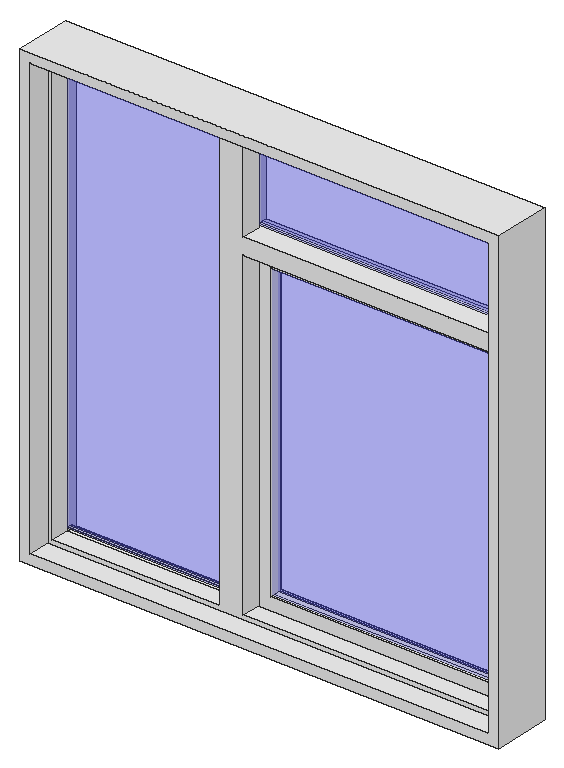
Revit family "83cbc0b76af24b008a916300ba44de00", category Windows, host Wall, Revit 2021
Family settings
  Host = Wall
  OmniClass Number = 23.30.20.00
  OmniClass Title = Windows
  Always vertical = Yes
  Cut with Voids When Loaded = No
  Shared = No
  Room Calculation Point = No
Parameters (values of type "50" x 48"")
  Window Inset [instance] = 0' - 0 5/8"
  Wall Thickness [instance] = 0' - 6"
  Visual Light Transmittance = 0.81
  Transom Height Ratio = 0.25
  Transom Height = Transom Height Ratio * Height  # 1' - 0"
  Thermal Resistance (R) = 1.8146 (h·ft²·°F)/BTU
  Solar Heat Gain Coefficient = 0.76
  Side Width = 0.4 * Width  # 1' - 8"
  Rough Width = Width + 0' 0 1/2"  # 4' - 2 1/2"
  Rough Height = Height + 0' 0 1/2"  # 4' - 0 1/2"
  Opening Window Width = Width - Side Width  # 2' - 6"
  Opening Window Height = Height - Transom Height  # 3' - 0"
  Heat Transfer Coefficient (U) = 0.5511 BTU/(h·ft²·°F)
  Frame Material = Metal - Aluminum
  Height = 4' - 0"
  Glass Panel Material = Glass
  Frame Gap 3 [instance] = Frame Gap 1 + 0' 0 1/4"  # 0' - 1 83/128"
  Frame Gap 2 [instance] = if(Window Inset > 0' 0 5/8", Window Inset, 0' 0 5/8")  # 0' - 0 5/8"
  Frame Gap 1 = 0' - 1 51/128"
  Fire Rating = "0.5h"
  Default Sill Height = 3' - 0"
  Wall Closure = By host
  Width = 4' - 2"
  Assembly Code = "B2020100"
  Analytic Construction = "Double glazing - domestic"
Types (4): name | Transom Height Ratio | Transom Height | Side Width | Rough Width | Rough Height | Opening Window Width | Opening Window Height | Height | Width
  (no name) | 0.25 | 1' - 0" | 1' - 8" | 4' - 2 1/2" | 4' - 0 1/2" | 2' - 6" | 3' - 0" | 4' - 0" | 4' - 2"
  61" x 53" | 0.3 | 1' - 3.9" | 2' - 0.4" | 5' - 1 1/2" | 4' - 5 1/2" | 3' - 0.6" | 3' - 1.1" | 4' - 5" | 5' - 1"
  50" x 48" | 0.25 | 1' - 0" | 1' - 8" | 4' - 2 1/2" | 4' - 0 1/2" | 2' - 6" | 3' - 0" | 4' - 0" | 4' - 2"
  71" x 60" | 0.3 | 1' - 6" | 2' - 4.4" | 5' - 11 1/2" | 5' - 0 1/2" | 3' - 6.6" | 3' - 6" | 5' - 0" | 5' - 11"
Reference planes (in)
  plane 1 "Center (Front/Back)": y = 0
  plane 2: z = 0
  plane 3 "Center (Left/Right)": x = 0
  plane 4 "Left": x = -25
  plane 5 "Right": x = 25
  plane 6 "Sill": z = 36
  plane 7 "Head": z = 84
  plane 8 "Exterior": y = 3
  plane 9 "Interior": y = -3
  plane 10 "Glass 1": y = 2.375
  plane 11: y = -0.625
  plane 12: x = -24
  plane 13: x = 24
  plane 14: y = 1.375
  plane 15: x = -23.60156
  plane 16: x = 23.60156
  plane 17: x = -5
  plane 18: x = -6
  plane 19: x = -4
  plane 20: x = -6.39844
  plane 21: x = -3.60156
  plane 22: z = 83
  plane 23: z = 37
  plane 24 "Sash Offset": y = 2.625
  plane 25: y = 3
  plane 26: x = -22.35156
  plane 27: x = -7.64844
  plane 28: x = -2.35156
  plane 29: x = 22.35156
  plane 30: z = 37.39844
  plane 31: z = 82.60156
  plane 32 "Glass 2": y = 2.125
  plane 33 "Glass 3": y = 1.875
  plane 34 "Glass 4": y = 1.625
  plane 35 "Middle": z = 54.91211
  plane 36 "Mullion Offset": y = 2.875
  plane 37: z = 71.17578
  plane 38: z = 72.82422
  plane 39: z = 72
Forms (in)
  Sweep 1, solid, material "Metal - Aluminum" <- "Frame Material"
    path origin (0, 0, 0) x (1, 0, 0) y (0, 0, 1)
      loop
        line (-25, 36) -> (25, 36) -> (25, 84) -> (-25, 84) -> (-25, 36)
    profile origin (-25, 0, 60) x (-1, 0, 0) y (0, -1, 0)
      loop
        line (0, -3) -> (0, 3) -> (-1, 3) -> (-1, 0.625) -> (-1.39844, 0.625) -> (-1.39844, -1.375) -> (-1, -1.375) -> (-1, -3) -> (0, -3)
  Extrusion 2, solid, material "Metal - Aluminum" <- "Frame Material"
    sketch origin (0, 0, 36) x (0, -1, 0) y (1, 0, 0)
      loop
        line (-2.875, -6) -> (0.625, -6) -> (0.625, -3.60156) -> (-1.375, -3.60156) -> (-1.375, -4) -> (-2.875, -4) -> (-2.875, -6)
    from 1 to 47
  Extrusion 3, solid, material "Glass" <- "Glass Panel Material"
    sketch origin (0, 0, 36) x (0, -1, 0) y (1, 0, 0)
      loop
        line (-2.375, -2.35156) -> (-2.375, 22.35156) -> (-2.875, 22.35156) -> (-2.875, -2.35156) -> (-2.375, -2.35156)
      loop
        line (-1.875, -2.35156) -> (-1.625, -2.35156) -> (-1.625, 22.35156) -> (-1.875, 22.35156) -> (-1.875, -2.35156)
    from 2.64844 to 33.52734
  Extrusion 4, solid, material "Glass" <- "Glass Panel Material"
    sketch origin (0, 0, 36) x (0, -1, 0) y (1, 0, 0)
      loop
        line (-2.375, -24) -> (-2.125, -24) -> (-2.125, -6) -> (-2.375, -6) -> (-2.375, -24)
      loop
        line (-1.875, -24) -> (-1.625, -24) -> (-1.625, -6) -> (-1.875, -6) -> (-1.875, -24)
    from 1.39844 to 47
  Extrusion 5, solid, material "Metal - Aluminum" <- "Frame Material"
    sketch origin (25, 0, 0) x (0, -1, 0) y (0, 0, 1)
      loop
        line (-2.875, 71.17578) -> (0.625, 71.17578) -> (0.625, 72.82422) -> (-2.875, 72.82422) -> (-2.875, 71.17578)
    from 1 to 29
  Extrusion 6, solid, material "Glass" <- "Glass Panel Material"
    sketch origin (0, 0, 36) x (0, -1, 0) y (1, 0, 0)
      loop
        line (-1.875, -4) -> (-1.625, -4) -> (-1.625, 24) -> (-1.875, 24) -> (-1.875, -4)
      loop
        line (-2.375, -4) -> (-2.125, -4) -> (-2.125, 24) -> (-2.375, 24) -> (-2.375, -4)
    from 36.82422 to 47
  Sweep 7, solid, material "Metal - Aluminum" <- "Frame Material"
    path origin (-18.69568, 2.625, 48) x (-1, 0, 0) y (0, 0, 1)
      loop
        line (-42.69568, -11) -> (-14.69568, -11) -> (-14.69568, 23.17578) -> (-42.69568, 23.17578) -> (-42.69568, -11)
    profile origin (24, 2.625, 54.08789) x (1, 0, 0) y (0, 1, 0)
      loop
        line (-1.64844, 0) -> (-1.64844, -1.25) -> (0, -1.25) -> (0, 0) -> (-1.64844, 0)
Cuts and joins
  joined: Sweep 1, Extrusion 2, Extrusion 5
Lines and regions (in)
  Opening 1
    outline origin (-60, -3, 0) x (1, 0, 0) y (0, 0, 1)
      loop
        line (35, 84) -> (35, 36) -> (85, 36) -> (85, 84) -> (35, 84)
  symbolic lines, style "Elevation Swing"
    curve 1: line (-4, 2.625, 71.17578) -> (24, 2.625, 54.91211)
    curve 2: line (-4, 2.625, 37) -> (24, 2.625, 54.91211)
Text (in)
  text "EXTERIOR" at (-58.6888, 50.90694, 0), in view "Ref. Level"
  text "INTERIOR" at (-58.6888, -37.76638, 0), in view "Ref. Level"
  text "Exterior" at (0, 43.65631, 123.19604), in view "Left"
  text "Exterior" at (0, 18.29385, 125.04747), in view "Right"
Dimensions and locks (in)
  equal spacing: plane 4 "Left", plane 3 "Center (Left/Right)", plane 5 "Right"
  "Width": plane 4 "Left" to plane 5 "Right"
  "Height": plane 6 "Sill" to plane 7 "Head"
  "Default Sill Height": plane 2 to plane 6 "Sill"
  locked: plane 4 "Left" to plane 12 at 1
  locked: plane 13 to plane 5 "Right" at 1
  "Frame Gap 1": plane 4 "Left" to plane 15
  "Frame Gap 1": plane 16 to plane 5 "Right"
  locked: plane 14 to plane 11 at 2
  plane 4 "Left" to plane 17 to plane 5 "Right" = 1' - 8", 2' - 6"
  locked: plane 18 to plane 17 at 1
  locked: plane 17 to plane 19 at 1
  "Frame Gap 1": plane 20 to plane 17
  "Frame Gap 1": plane 17 to plane 21
  locked: plane 7 "Head" to plane 22 at 1
  locked: plane 23 to plane 6 "Sill" at 1
  "Frame Gap 2": plane 25 to plane 10 "Glass 1"
  "Frame Gap 3": plane 12 to plane 26
  "Frame Gap 3": plane 27 to plane 18
  "Frame Gap 3": plane 19 to plane 28
  "Frame Gap 3": plane 29 to plane 13
  "Frame Gap 1": plane 6 "Sill" to plane 30
  "Frame Gap 1": plane 31 to plane 7 "Head"
  locked: plane 10 "Glass 1" to plane 32 "Glass 2" at 0.25
  locked: plane 32 "Glass 2" to plane 33 "Glass 3" at 0.25
  locked: plane 33 "Glass 3" to plane 34 "Glass 4" at 0.25
  locked: plane 10 "Glass 1" to plane 14 at 1
  locked: plane 24 "Sash Offset" to plane 10 "Glass 1" at 0.25
  locked: plane 36 "Mullion Offset" to plane 24 "Sash Offset" at 0.25
  "Frame Gap 3": plane 37 to plane 38
  "Side Width": plane 4 "Left" to plane 17
  equal spacing: plane 23, plane 35 "Middle", plane 38
  "Window Inset": plane 8 "Exterior" to plane 10 "Glass 1"
  "Wall Thickness": host wall to host wall
  equal spacing: plane 37, plane 39, plane 38
  "Transom Height": plane 39 to plane 7 "Head"
  aligned and locked: plane 7 "Head" to Opening 1 sketch curve
  aligned and locked: plane 6 "Sill" to Opening 1 sketch curve  (x2)
  aligned and locked: plane 5 "Right" to Opening 1 sketch curve
  aligned and locked: plane 4 "Left" to Opening 1 sketch curve
  aligned and locked: level to plane 2
  aligned and locked: host wall to plane 8 "Exterior"
  aligned and locked: plane 9 "Interior" to host wall
  aligned and locked: Sweep 1 sketch curve to plane 4 "Left"  (x2)
  aligned and locked: plane 7 "Head" to Sweep 1 sketch curve  (x2)
  aligned and locked: plane 5 "Right" to Sweep 1 sketch curve  (x2)
  aligned and locked: plane 6 "Sill" to Sweep 1 sketch curve  (x2)
  aligned and locked: plane 4 "Left" to Sweep 1 sketch curve  (x2)
  aligned and locked: Sweep 1 sketch curve to plane 14
  aligned and locked: Sweep 1 sketch curve to plane 15
  aligned and locked: plane 11 to Sweep 1 sketch curve  (x2)
  aligned and locked: plane 9 "Interior" to Sweep 1 sketch curve  (x2)
  aligned and locked: plane 12 to Sweep 1 sketch curve  (x2)
  aligned and locked: plane 15 to Sweep 1 sketch curve
  aligned and locked: plane 14 to Sweep 1 sketch curve
  aligned and locked: Extrusion 2 to Sweep 1
  aligned and locked: plane 25 to Sweep 1 sketch curve  (x2)
  aligned and locked: plane 36 "Mullion Offset" to Extrusion 2
  aligned and locked: plane 10 "Glass 1" to Extrusion 4 sketch curve
  aligned and locked: Extrusion 4 sketch curve to plane 12  (x2)
  aligned and locked: Extrusion 4 sketch curve to plane 32 "Glass 2"
  aligned and locked: Extrusion 4 sketch curve to plane 33 "Glass 3"
  aligned and locked: Extrusion 4 sketch curve to plane 34 "Glass 4"
  aligned and locked: plane 18 to Extrusion 4 sketch curve
  aligned and locked: plane 22 to Extrusion 4
  aligned and locked: plane 13 to Extrusion 5
  aligned and locked: Extrusion 5 to plane 19
  aligned and locked: Extrusion 2 sketch curve to plane 18
  aligned and locked: Extrusion 2 sketch curve to plane 11
  aligned and locked: Extrusion 2 sketch curve to plane 21
  aligned and locked: Extrusion 2 sketch curve to plane 36 "Mullion Offset"
  aligned and locked: plane 19 to Extrusion 2 sketch curve  (x2)
  aligned and locked: plane 14 to Extrusion 2 sketch curve  (x2)
  aligned and locked: plane 21 to Extrusion 2 sketch curve
  aligned and locked: plane 18 to Extrusion 2 sketch curve
  aligned and locked: plane 11 to Extrusion 2 sketch curve
  aligned and locked: Extrusion 6 to plane 38
  aligned and locked: plane 22 to Extrusion 6
  aligned and locked: Sweep 7 sketch curve to profile plane
  aligned and locked: plane 29 to Sweep 7 sketch curve
  aligned and locked: Sweep 7 sketch curve to cut or joined group of Sweep 1, Extrusion 2, Extrusion 5
  aligned and locked: cut or joined group of Sweep 1, Extrusion 2, Extrusion 5 to Sweep 7 sketch curve
  aligned and locked: plane 13 to Sweep 7 sketch curve  (x2)
  aligned and locked: Extrusion 3 to Sweep 7  (x2)
  aligned and locked: Extrusion 5 sketch curve to plane 36 "Mullion Offset"
  aligned and locked: Extrusion 5 sketch curve to plane 38
  aligned and locked: plane 37 to Extrusion 5 sketch curve
  aligned and locked: plane 11 to Extrusion 5 sketch curve
  aligned and locked: plane 38 to Extrusion 5 sketch curve
  aligned and locked: Extrusion 6 sketch curve to plane 19  (x2)
  aligned and locked: plane 10 "Glass 1" to Extrusion 6 sketch curve
  aligned and locked: plane 19 to Sweep 7 sketch curve  (x2)
  aligned and locked: plane 23 to Sweep 7 sketch curve  (x2)
  aligned and locked: plane 37 to Sweep 7 sketch curve  (x2)
  aligned and locked: plane 10 "Glass 1" to Extrusion 3 sketch curve
  aligned and locked: Extrusion 3 sketch curve to plane 28  (x2)
  aligned and locked: plane 29 to Extrusion 3 sketch curve  (x2)
  aligned and locked: plane 33 "Glass 3" to Extrusion 3 sketch curve
  aligned and locked: Extrusion 3 sketch curve to plane 34 "Glass 4"
  aligned and locked: Extrusion 4 to plane 30
  aligned and locked: cut or joined group of Sweep 1, Extrusion 2, Extrusion 5 to plane 23
  aligned and locked: plane 37 to curve 1
  aligned and locked: plane 19 to curve 1
  aligned and locked: plane 35 "Middle" to curve 2
  aligned and locked: plane 13 to curve 2
  aligned and locked: plane 23 to curve 2
  aligned and locked: plane 19 to curve 2
  aligned and locked: nested 1 to plane 4 "Left"
  aligned and locked: nested 1 to plane 8 "Exterior"
  aligned and locked: nested 2 to plane 5 "Right"
  aligned and locked: nested 1 to plane 7 "Head"
  aligned and locked: plane 37 to nested 2
  aligned and locked: nested 2 to plane 8 "Exterior"
Automatic sketch dimensions
  Extrusion 4 sketch curve to plane 32 "Glass 2" = 0' - 0"
  Extrusion 4 sketch curve to plane 18 = 0' - 0"
  Extrusion 6 sketch curve to plane 32 "Glass 2" = 0' - 0"
  Extrusion 6 sketch curve to plane 13 = 0' - 0"  (x2)
  plane 33 "Glass 3" to Extrusion 6 sketch curve = 0' - 0"
  Extrusion 6 sketch curve to plane 34 "Glass 4" = 0' - 0"
  Extrusion 3 sketch curve to plane 36 "Mullion Offset" = 0' - 0"
Nested families (in)
  nested 1: "Plan-Fixed_Simple" at (-15, 3, 72), Window Inset <- "Window Inset", Width <- "Side Width", Height <- "Transom Height", Wall Thickness <- "Wall Thickness", type "Plan-Fixed_Simple"
    with Window Inset of 3D 0' - 0 1/8", Window Inset 0' - 0 5/8", Width 1' - 8", Wall Thickness 0' - 6", Top Line yes, Right Line no, Left Line yes, Height 1' - 0", Bottom Line no
  nested 2: "Plan-Casement" at (10, 3, 35.17578), Window Inset <- "Window Inset", Width <- "Opening Window Width", Height <- "Opening Window Height", Wall Thickness <- "Wall Thickness", type "Plan-Casement"
    with Window Inset of 3D 0' - 0 1/8", Window Inset 0' - 0 5/8", Width 2' - 6", Wall Thickness 0' - 6", Top Line no, Right Line yes, RH yes, Left Line no, LH no, Height 3' - 0", Bottom Line yes
Definition of nested family "Plan-Fixed_Simple"
  Parameters (values of type "Plan-Fixed_Simple")
    Window Inset [instance] = 0' - 1"
    Window Inset of 3D [instance] = if(Window Inset - 0' 0 1/2" < 0' 0", 0' 0", if(Window Inset - 0' 0 1/2" < Wall Thickness - 0' 3 1/2", Window Inset - 0' 0 1/2", Wall Thickness - 0' 3 1/2"))  # 0' - 0 1/2"
    Width [instance] = 4' - 0"
    Wall Thickness [instance] = 0' - 6"
    Top Line [instance] = yes
    Right Line [instance] = yes
    Left Line [instance] = yes
    Height [instance] = 3' - 0"
    Default Elevation = 4' - 0"
    Bottom Line [instance] = yes
    Analytic Construction = "<None>"
  Reference planes (in)
    plane 1 "Center (Front/Back)": y = 0
    plane 2: z = 0
    plane 3 "Center (Left/Right)": x = 0
    plane 4: x = -24
    plane 5: x = 24
    plane 6 "Jamb": y = -4
    plane 7: x = -23.5
    plane 8: y = -0.5
    plane 9: y = -2.25
    plane 10: y = -1.375
    plane 11: x = 23.5
    plane 12 "Window Inset": y = -1
    plane 13 "Wall": y = -6
    plane 14: z = 36
    plane 15: z = 35.5
    plane 16: z = 0.5
    plane 17: z = 34.75
    plane 18: z = 1.25
    plane 19: z = 33.25
    plane 20: z = 2.75
  Lines and regions (in)
    Masking region 1
      outline origin (0, 0.75, 0) x (1, 0, 0) y (0, 1, 0)
        loop
          line (-24, -0.75) -> (-24, -6.75) -> (24, -6.75) -> (24, -0.75) -> (-24, -0.75)
    Masking region 2
      outline origin (0, 0, 0) x (0, 1, 0) y (0, 0, 1)
        loop
          line (-6, 0) -> (0, 0) -> (0, 36) -> (-6, 36) -> (-6, 0)
    symbolic lines
      curve 1: line (-23.5, -0.5, 0) -> (-23.5, -4, 0)
      curve 2: line (-23.5, -1.375, 0) -> (23.5, -1.375, 0)
      curve 3: line (23.5, -0.5, 0) -> (23.5, -4, 0)
      curve 4: line (-24, -4, 0) -> (-23.5, -4, 0)
      curve 5: line (23.5, -4, 0) -> (24, -4, 0)
      curve 6: line (23.5, -4, 0) -> (-23.5, -4, 0)
      curve 7: line (0, -0.5, 35.5) -> (0, -4, 35.5)
      curve 8: line (0, -4, 0.5) -> (0, -4, 35.5)
      curve 9: line (0, -0.5, 0.5) -> (0, -4, 0.5)
      curve 10: line (0, -0.5, 36) -> (0, -0.5, 35.5)
      curve 11: line (0, -1.375, 0.5) -> (0, -1.375, 35.5)
      curve 12: line (23.5, -0.5, 0) -> (24, -0.5, 0)
      curve 13: line (-23.5, -0.5, 0) -> (-24, -0.5, 0)
      curve 14: line (0, -0.5, 0.5) -> (0, -0.5, 0)
      curve 15: line (-23.5, -0.5, 0) -> (23.5, -0.5, 0)
      curve 16: line (0, -0.5, 0.5) -> (0, -0.5, 35.5)
      curve 17: line (0, -4, 0.5) -> (0, -4, 0)
      curve 18: line (0, -4, 35.5) -> (0, -4, 36)
    symbolic lines, visible <- "Left Line"
      curve 19: line (-24, 0, 0) -> (-24, -6, 0)
    symbolic lines, visible <- "Right Line"
      curve 20: line (24, 0, 0) -> (24, -6, 0)
    symbolic lines, visible <- "Top Line"
      curve 21: line (0, 0, 36) -> (0, -6, 36)
    symbolic lines, visible <- "Bottom Line"
      curve 22: line (0, 0, 0) -> (0, -6, 0)
  Dimensions and locks (in)
    "Width": plane 4 to plane 5
    equal spacing: plane 4, plane 3 "Center (Left/Right)", plane 5
    locked: plane 4 to plane 7 at 0.5
    equal spacing: plane 8, plane 10, plane 9
    locked: plane 5 to plane 11 at 0.5
    locked: plane 8 to plane 12 "Window Inset" at 0.5
    locked: plane 8 to plane 9 at 1.75
    "Wall Thickness": plane 13 "Wall" to plane 1 "Center (Front/Back)"
    "Height": plane 14 to plane 2
    locked: plane 14 to plane 15 at 0.5
    locked: plane 16 to plane 2 at 0.5
    locked: plane 15 to plane 17 at 0.75
    locked: plane 18 to plane 16 at 0.75
    locked: plane 15 to plane 19 at 2.25
    locked: plane 20 to plane 16 at 2.25
    locked: plane 9 to plane 6 "Jamb" at 1.75
    "Window Inset of 3D": plane 8 to plane 1 "Center (Front/Back)"
    aligned and locked: plane 2 to level
    aligned and locked: Masking region 1 sketch curve to plane 13 "Wall"
    aligned and locked: curve 4 to plane 6 "Jamb"
    aligned and locked: curve 5 to plane 6 "Jamb"
    aligned and locked: plane 1 "Center (Front/Back)" to Masking region 1 sketch curve  (x2)
    aligned and locked: plane 13 "Wall" to Masking region 2 sketch curve  (x2)
    aligned and locked: plane 6 "Jamb" to curve 8
    aligned and locked: plane 15 to curve 7
    aligned and locked: plane 16 to curve 9
    aligned and locked: curve 10 to plane 8
    aligned and locked: plane 10 to curve 11
    aligned and locked: plane 5 to curve 12
    aligned and locked: plane 14 to curve 10
    aligned and locked: plane 8 to curve 7
    aligned and locked: plane 4 to curve 13
    aligned and locked: plane 8 to curve 14
    aligned and locked: plane 2 to curve 14
    aligned and locked: curve 1 to plane 7
    aligned and locked: plane 11 to curve 3
    aligned and locked: curve 15 to plane 8
    aligned and locked: curve 18 to plane 6 "Jamb"
    aligned and locked: plane 4 to Masking region 1 sketch curve
    aligned and locked: Masking region 1 sketch curve to plane 5
    aligned and locked: plane 14 to Masking region 2 sketch curve
    aligned and locked: Masking region 2 sketch curve to plane 2
    aligned and locked: plane 13 "Wall" to Masking region 1 sketch curve
    aligned and locked: plane 1 "Center (Front/Back)" to curve 19
    aligned and locked: plane 13 "Wall" to curve 19
    aligned and locked: curve 19 to plane 4
    aligned and locked: plane 1 "Center (Front/Back)" to curve 20
    aligned and locked: plane 13 "Wall" to curve 20
    aligned and locked: curve 20 to plane 5
    aligned and locked: plane 1 "Center (Front/Back)" to Masking region 2 sketch curve
    aligned and locked: plane 1 "Center (Front/Back)" to curve 21
    aligned and locked: plane 13 "Wall" to curve 21
    aligned and locked: curve 21 to plane 14
    aligned and locked: plane 1 "Center (Front/Back)" to curve 22
    aligned and locked: plane 13 "Wall" to curve 22
    aligned and locked: curve 22 to plane 2
  Automatic sketch dimensions
    curve 2 to plane 10 = 0' - 0"
Definition of nested family "Plan-Casement"
  Parameters (values of type "Plan-Casement")
    Window Inset [instance] = 0' - 1"
    Window Inset of 3D [instance] = if(Window Inset - 0' 0 1/2" < 0' 0", 0' 0", if(Window Inset - 0' 0 1/2" < Wall Thickness - 0' 3 1/2", Window Inset - 0' 0 1/2", Wall Thickness - 0' 3 1/2"))  # 0' - 0 1/2"
    Width [instance] = 4' - 0"
    Wall Thickness [instance] = 0' - 6"
    Top Line [instance] = yes
    Right Line [instance] = yes
    RH [instance] = yes
    Left Line [instance] = yes
    LH [instance] = yes
    Height [instance] = 3' - 0"
    Default Elevation = 4' - 0"
    Bottom Line [instance] = yes
    Analytic Construction = "<None>"
  Reference planes (in)
    plane 1 "Center (Front/Back)": y = 0
    plane 2: z = 0
    plane 3 "Center (Left/Right)": x = 0
    plane 4: x = -24
    plane 5: x = 24
    plane 6 "Jamb": y = -4
    plane 7: x = -23.5
    plane 8: x = -22.75
    plane 9: y = -0.5
    plane 10: y = -2.25
    plane 11: y = -1.375
    plane 12: x = -21.25
    plane 13: x = 23.5
    plane 14: x = 22.75
    plane 15: x = 21.25
    plane 16 "Window Inset": y = -1
    plane 17 "Wall": y = -6
    plane 18: z = 36
    plane 19: z = 35.5
    plane 20: z = 0.5
    plane 21: z = 34.75
    plane 22: z = 1.25
    plane 23: z = 33.25
    plane 24: z = 2.75
  Lines and regions (in)
    Masking region 1
      outline origin (0, 0.75, 0) x (1, 0, 0) y (0, 1, 0)
        loop
          line (-24, -0.75) -> (-24, -6.75) -> (24, -6.75) -> (24, -0.75) -> (-24, -0.75)
    Masking region 2
      outline origin (0, 0, 0) x (0, 1, 0) y (0, 0, 1)
        loop
          line (0, 36) -> (-6, 36) -> (-6, 0) -> (0, 0) -> (0, 36)
    symbolic lines
      curve 1: line (-23.5, -2.25, 0) -> (-22.75, -2.25, 0)
      curve 2: line (-22.75, -2.25, 0) -> (-22.75, -4, 0)
      curve 3: line (-23.5, -0.5, 0) -> (-23.5, -2.25, 0)
      curve 4: line (-21.25, -0.5, 0) -> (-21.25, -2.25, 0)
      curve 5: line (-21.25, -2.25, 0) -> (-22.75, -2.25, 0)
      curve 6: line (-21.25, -1.375, 0) -> (21.25, -1.375, 0)
      curve 7: line (23.5, -2.25, 0) -> (22.75, -2.25, 0)
      curve 8: line (22.75, -2.25, 0) -> (22.75, -4, 0)
      curve 9: line (23.5, -0.5, 0) -> (23.5, -2.25, 0)
      curve 10: line (21.25, -0.5, 0) -> (21.25, -2.25, 0)
      curve 11: line (21.25, -2.25, 0) -> (22.75, -2.25, 0)
      curve 14: line (-24, -4, 0) -> (-22.75, -4, 0)
      curve 15: line (22.75, -4, 0) -> (24, -4, 0)
      curve 16: line (22.75, -4, 0) -> (-22.75, -4, 0)
      curve 17: line (0, -0.5, 35.5) -> (0, -2.25, 35.5)
      curve 18: line (0, -2.25, 34.75) -> (0, -4, 34.75)
      curve 19: line (0, -0.5, 0.5) -> (0, -2.25, 0.5)
      curve 20: line (0, -2.25, 0.5) -> (0, -2.25, 2.75)
      curve 21: line (0, -2.25, 1.25) -> (0, -4, 1.25)
      curve 22: line (0, -0.5, 36) -> (0, -0.5, 33.25)
      curve 23: line (0, -0.5, 33.25) -> (0, -2.25, 33.25)
      curve 24: line (0, -2.25, 2.75) -> (0, -0.5, 2.75)
      curve 25: line (0, -1.375, 2.75) -> (0, -1.375, 33.25)
      curve 28: line (0, -2.25, 35.5) -> (0, -2.25, 33.25)
      curve 29: line (21.25, -0.5, 0) -> (24, -0.5, 0)
      curve 30: line (-21.25, -0.5, 0) -> (-24, -0.5, 0)
      curve 31: line (0, -0.5, 2.75) -> (0, -0.5, 0)
      curve 32: line (-21.25, -0.5, 0) -> (21.25, -0.5, 0)
      curve 33: line (0, -0.5, 33.25) -> (0, -0.5, 2.75)
      curve 38: line (0, -4, 1.25) -> (0, -4, 34.75)
      curve 39: line (0, -4, 1.25) -> (0, -4, 0)
      curve 40: line (0, -4, 36) -> (0, -4, 34.75)
    symbolic lines, visible <- "RH"
      curve 12: arc (-23.5, -0.5, 0) -> (-19.92234, 17.48612, 0) -> (-9.73402, 32.73402, 0) r 47
      curve 26: line (23.5, -0.5, 0) -> (-9.73402, 32.73402, 0)
    symbolic lines, visible <- "LH"
      curve 13: line (-23.5, -0.5, 0) -> (9.73402, 32.73402, 0)
      curve 27: arc (23.5, -0.5, 0) -> (19.92234, 17.48612, 0) -> (9.73402, 32.73402, 0) r 47
    symbolic lines, visible <- "Right Line"
      curve 34: line (24, 0, 0) -> (24, -6, 0)
    symbolic lines, visible <- "Left Line"
      curve 35: line (-24, 0, 0) -> (-24, -6, 0)
    symbolic lines, visible <- "Top Line"
      curve 36: line (0, 0, 36) -> (0, -6, 36)
    symbolic lines, visible <- "Bottom Line"
      curve 37: line (0, 0, 0) -> (0, -6, 0)
  Dimensions and locks (in)
    "Width": plane 4 to plane 5
    equal spacing: plane 4, plane 3 "Center (Left/Right)", plane 5
    plane 4 to plane 7 to plane 8 = 0' - 0 1/2" locked, 0' - 0 3/4" locked
    equal spacing: plane 9, plane 11, plane 10
    locked: plane 7 to plane 12 at 2.25
    plane 5 to plane 13 to plane 14 = 0' - 0 1/2" locked, 0' - 0 3/4" locked
    locked: plane 13 to plane 15 at 2.25
    locked: plane 9 to plane 16 "Window Inset" at 0.5
    locked: plane 9 to plane 10 at 1.75
    "Wall Thickness": plane 17 "Wall" to plane 1 "Center (Front/Back)"
    "Height": plane 18 to plane 2
    locked: plane 18 to plane 19 at 0.5
    locked: plane 20 to plane 2 at 0.5
    locked: plane 19 to plane 21 at 0.75
    locked: plane 22 to plane 20 at 0.75
    locked: plane 19 to plane 23 at 2.25
    locked: plane 24 to plane 20 at 2.25
    locked: plane 10 to plane 6 "Jamb" at 1.75
    "Window Inset of 3D": plane 9 to plane 1 "Center (Front/Back)"
    locked: plane 9 to curve 13 (angle 45.00°)
    angle curve 26 to plane 16 "Window Inset" = 45.00°
    aligned and locked: plane 2 to level
    aligned and locked: curve 2 to plane 8
    aligned and locked: curve 1 to plane 10
    aligned and locked: plane 14 to curve 8
    aligned and locked: curve 14 to plane 6 "Jamb"
    aligned and locked: curve 15 to plane 6 "Jamb"
    aligned and locked: plane 21 to curve 18
    aligned and locked: plane 19 to curve 17
    aligned and locked: plane 22 to curve 21
    aligned and locked: plane 10 to curve 20
    aligned and locked: plane 20 to curve 19
    aligned and locked: curve 22 to plane 9
    aligned and locked: plane 23 to curve 23
    aligned and locked: curve 24 to plane 24
    aligned and locked: plane 11 to curve 25
    aligned and locked: plane 13 to curve 27
    aligned and locked: plane 9 to curve 13
    aligned and locked: plane 9 to curve 26
    aligned and locked: plane 5 to curve 29
    aligned and locked: plane 18 to curve 22
    aligned and locked: plane 9 to curve 17
    aligned and locked: plane 9 to curve 19
    aligned and locked: plane 9 to curve 3
    aligned and locked: plane 9 to curve 9
    aligned and locked: curve 28 to plane 10
    aligned and locked: plane 19 to curve 28
    aligned and locked: plane 23 to curve 28
    aligned and locked: plane 4 to curve 30
    aligned and locked: plane 9 to curve 31
    aligned and locked: plane 2 to curve 31
    aligned and locked: curve 32 to plane 9
    aligned and locked: plane 12 to curve 32
    aligned and locked: plane 15 to curve 32
    aligned and locked: plane 24 to curve 33
    aligned and locked: plane 1 "Center (Front/Back)" to curve 34
    aligned and locked: plane 17 "Wall" to curve 34
    aligned and locked: curve 34 to plane 5
    aligned and locked: plane 17 "Wall" to curve 35
    aligned and locked: plane 1 "Center (Front/Back)" to curve 35
    aligned and locked: curve 35 to plane 4
    aligned and locked: plane 17 "Wall" to curve 37
    aligned and locked: plane 1 "Center (Front/Back)" to curve 37
    aligned and locked: curve 37 to plane 2
    aligned and locked: plane 17 "Wall" to curve 36
    aligned and locked: plane 1 "Center (Front/Back)" to curve 36
    aligned and locked: curve 36 to plane 18
    aligned and locked: plane 1 "Center (Front/Back)" to Masking region 1 sketch curve
    aligned and locked: plane 17 "Wall" to Masking region 1 sketch curve
    aligned and locked: plane 4 to Masking region 1 sketch curve
    aligned and locked: Masking region 1 sketch curve to plane 5
    aligned and locked: plane 2 to Masking region 2 sketch curve
    aligned and locked: Masking region 2 sketch curve to plane 18
    aligned and locked: plane 1 "Center (Front/Back)" to Masking region 2 sketch curve
    aligned and locked: plane 17 "Wall" to Masking region 2 sketch curve
    aligned and locked: plane 6 "Jamb" to curve 21
    aligned and locked: plane 6 "Jamb" to curve 18
    aligned and locked: plane 10 to curve 18
    aligned and locked: plane 10 to curve 21
    aligned and locked: plane 22 to curve 39
    aligned and locked: plane 21 to curve 40
    aligned and locked: plane 6 "Jamb" to curve 40
  Automatic sketch dimensions
    curve 3 to plane 7 = 0' - 0"
    curve 27 to plane 7 = 0' - 0"
    curve 12 to plane 13 = 0' - 0"
    curve 7 to plane 10 = 0' - 0"
    curve 6 to plane 11 = 0' - 0"
